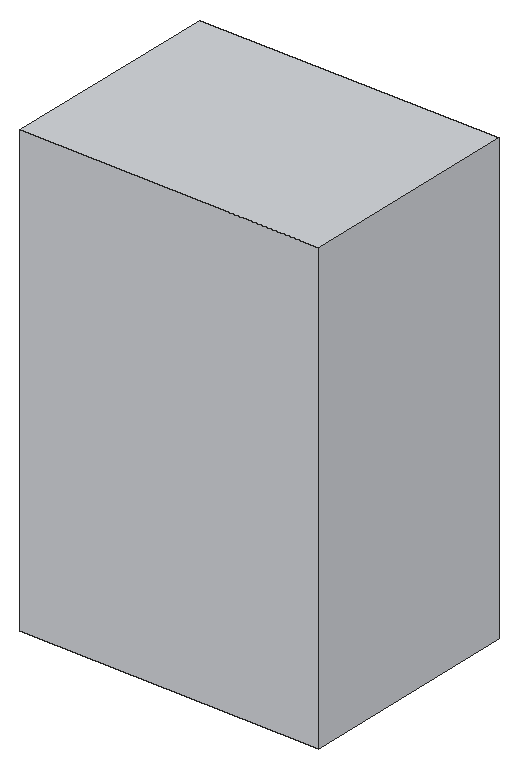
Revit family "Codex_Disposable_Box_4e12cd88-4701-4464-becb-787b99690236", category Casework, Revit 2025
Family settings
  OmniClass Number = 23.40.35.00
  OmniClass Title = Casework
  Work Plane-Based = No
  Always vertical = Yes
  Cut with Voids When Loaded = No
  Shared = No
  Room Calculation Point = No
Parameters (values of type "Codex_Disposable_Box")
  Depth = 2' - 0"
  Height = 3' - 0"
  Width = 4' - 0"
  Default Elevation = 0' - 0"
  Codex_Test_Height = 3' - 0"
Reference planes (in)
  plane 1 "Back": y = 0
  plane 2: z = 0
  plane 3 "Center (Left/Right)": x = 0.7377
  plane 4 "Left": x = -23.2623
  plane 5 "Right": x = 24.7377
  plane 6 "Front": y = -24
  plane 7 "Top": z = 36
Forms (in)
  Extrusion 1, solid
    sketch origin (0, 0, 0) x (1, 0, 0) y (0, 1, 0)
      loop
        line (0, 0) -> (24, 0) -> (24, 18) -> (0, 18) -> (0, 0)
    from 0 to 36 <- "Codex_Test_Height"
Dimensions and locks (in)
  "Depth": plane 6 "Front" to plane 1 "Back"
  "Width": plane 4 "Left" to plane 5 "Right"
  equal spacing: plane 4 "Left", plane 3 "Center (Left/Right)", plane 5 "Right"
  "Height": level to plane 7 "Top"
  aligned and locked: plane 2 to level
Automatic sketch dimensions
  plane 1 "Back" to Extrusion 1 sketch curve = 0' - 0"
  Extrusion 1 sketch curve to plane 3 "Center (Left/Right)" = 0' - 0.7377"
  plane 5 "Right" to Extrusion 1 sketch curve = 0' - 0.7377"
  Extrusion 1 sketch curve to plane 1 "Back" = 1' - 6"
